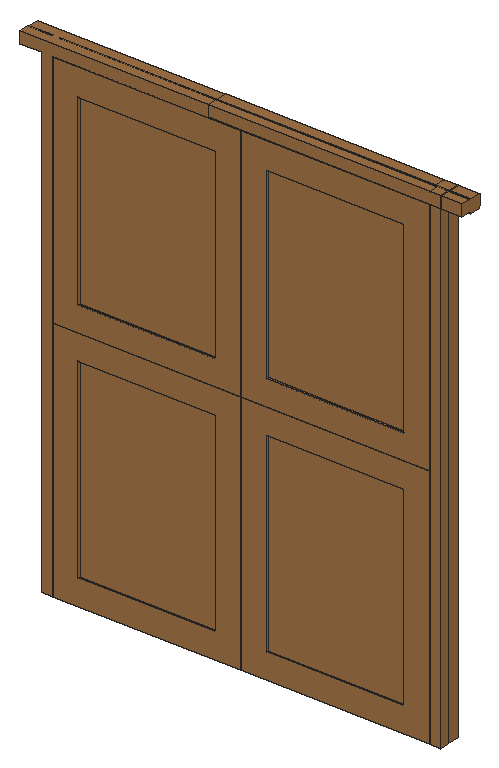
Revit family "DAL_A3-Swartland-Winsters-doubleStable-PD1S", category Doors, host Wall, Revit 2016
Family settings
  Host = Wall
  Always vertical = Yes
  Cut with Voids When Loaded = No
  Shared = No
  Room Calculation Point = No
Parameters (values of type "813w X 2032h")
  URL = "http://www.swartland.co.za"
  Thickness = 0 mm
  Rough Width = Width + (2 * Frame Width)  # 879 mm
  Rough Height = Height + Frame Width  # 2065 mm
  Model Type = "Single Stable Door"
  Model = "Winsters"
  Material Door Panel = Default Timber Door Panel
  Material Door Frame = Default Timber Door Frame
  Manufacturer Code = "PD1S"
  Manufacturer = "Swartland"
  Height = 2032 mm
  Wall Closure = By host
  Width = 813 mm
  Function = Interior
  Frame Width = 33 mm
  Construction Type = "Timber"
  Assembly Code = "B2030230"
Reference planes
  plane 1 "Center Line": y = 0
  plane 2 "Center (Left/Right)": x = 35.5
  plane 3 "Left": x = -404
  plane 4 "Right": x = 475
  plane 5: z = 2065
  plane 6 "Exterior": y = 110
  plane 7 "Interior": y = -110
  plane 8: x = 565
  plane 9: x = -494
  plane 10: x = 423
  plane 11: x = 442
  plane 12: x = -371
  plane 13: z = 2032
  plane 14: z = 205
  plane 15 "Panel centre": y = -24.5
  plane 16 "panel interior": y = -35.5
  plane 17 "Panel Exterior": y = -13.5
  plane 18: x = -188.111
  plane 19: x = -60.333
  plane 20: x = 3.556
  plane 21: x = 67.444
  plane 22: x = 131.333
  plane 23: x = 195.222
  plane 24: x = 259.111
  plane 25: x = -124.222
  plane 26: x = -252
  plane 27: x = 323
  plane 28: z = 1032.5
  plane 29: z = 1022
  plane 30: x = 433
  plane 31: x = 1044.111
  plane 32: x = 916.333
  plane 33: x = 852.444
  plane 34: x = 788.556
  plane 35: x = 724.667
  plane 36: x = 660.778
  plane 37: x = 596.889
  plane 38: x = 980.222
  plane 39: x = 1108
  plane 40: x = 533
  plane 41: x = -654.212
Forms (mm)
  Sweep 1, solid, material "Default Timber Door Frame" <- "Material Door Frame", detail levels medium+fine
    path origin (0, 0, 0) x (1, 0, 0) y (0, 0, 1)
      loop
        line (1350, 2065) -> (-494, 2065)
    profile "Frame profile : Frame profile" origin (428, 0, 2065) x (0, 0, -1) y (0, -1, 0)
      loop
        line (0, -45) -> (47, -45) -> (47, -43)
        arc (47, -43) -> (51.243, -41.243) -> (53, -37) r 6
        line (53, -37) -> (55, -37) -> (55, 0) -> (40, 0) -> (40, 3) -> (47, 3) -> (47, 45) -> (0, 45) -> (0, 6) -> (10, 6) -> (10, 0) -> (0, 0) -> (0, -45)
  Sweep 2, solid, material "Default Timber Door Frame" <- "Material Door Frame", detail levels medium+fine
    path origin (0, 0, 0) x (1, 0, 0) y (0, 0, 1)
      loop
        line (-404, 0) -> (-404, 2065)
    profile "Frame profile : Frame profile" origin (-404, 0, 1032.5) x (-1, 0, 0) y (0, -1, 0)
      loop
        line (0, -45) -> (0, 0) -> (-10, 0) -> (-10, 6) -> (0, 6) -> (0, 45) -> (-47, 45) -> (-47, 3) -> (-40, 3) -> (-40, 0) -> (-55, 0) -> (-55, -37) -> (-53, -37)
        arc (-53, -37) -> (-51.243, -41.243) -> (-47, -43) r 6
        line (-47, -43) -> (-47, -45) -> (0, -45)
  Extrusion 3, solid, material "Default Timber Door Panel" <- "Material Door Panel", detail levels medium+fine
    sketch origin (0, 0, 0) x (1, 0, 0) y (0, 0, 1)
      loop
        line (-357, 0) -> (428, 0) -> (428, 1022) -> (-357, 1022) -> (-357, 0)
      loop
        line (-252, 105) -> (323, 105) -> (323, 917) -> (-252, 917) -> (-252, 105)
    from 3 to 45
  Extrusion 4, solid, material "Default Timber Door Panel" <- "Material Door Panel", detail levels medium+fine
    sketch origin (0, -24.5, 0) x (1, 0, 0) y (0, 0, 1)
      loop
        line (323, 105) -> (323, 917) -> (-252, 917) -> (-252, 105) -> (323, 105)
    from 11 to -11
  Extrusion 5, solid, material "Default Timber Door Panel" <- "Material Door Panel", detail levels medium+fine
    sketch origin (0, -24.5, 0) x (1, 0, 0) y (0, 0, 1)
      loop
        line (323, 1127) -> (323, 1905) -> (-252, 1905) -> (-252, 1127) -> (323, 1127)
    from 11 to -11
  Extrusion 6, solid, material "Default Timber Door Frame" <- "Material Door Frame", detail levels medium+fine
    sketch origin (0, 0, 0) x (1, 0, 0) y (0, 0, 1)
      loop
        line (-357, 1022) -> (428, 1022) -> (428, 2018) -> (-357, 2018) -> (-357, 1022)
      loop
        line (-252, 1127) -> (323, 1127) -> (323, 1905) -> (-252, 1905) -> (-252, 1127)
    from 3 to 45
  Sweep 7, solid, material "Default Timber Door Frame" <- "Material Door Frame", detail levels medium+fine
    path origin (856, 0, 0) x (-1, 0, 0) y (0, 0, 1)
      loop
        line (565, 2065) -> (-494, 2065)
    profile "Frame profile : Frame profile" origin (820.5, 0, 2065) x (0, 0, -1) y (0, 1, 0)
      loop
        line (0, 45) -> (0, 0) -> (10, 0) -> (10, -6) -> (0, -6) -> (0, -45) -> (47, -45) -> (47, -3) -> (40, -3) -> (40, 0) -> (55, 0) -> (55, 37) -> (53, 37)
        arc (53, 37) -> (51.243, 41.243) -> (47, 43) r 6
        line (47, 43) -> (47, 45) -> (0, 45)
  Sweep 8, solid, material "Default Timber Door Frame" <- "Material Door Frame", detail levels medium+fine
    path origin (856, 0, 0) x (-1, 0, 0) y (0, 0, 1)
      loop
        line (-404, 0) -> (-404, 2065)
    profile "Frame profile : Frame profile" origin (1260, 0, 1032.5) x (1, 0, 0) y (0, 1, 0)
      loop
        line (0, 45) -> (-47, 45) -> (-47, 43)
        arc (-47, 43) -> (-51.243, 41.243) -> (-53, 37) r 6
        line (-53, 37) -> (-55, 37) -> (-55, 0) -> (-40, 0) -> (-40, -3) -> (-47, -3) -> (-47, -45) -> (0, -45) -> (0, -6) -> (-10, -6) -> (-10, 0) -> (0, 0) -> (0, 45)
  Extrusion 9, solid, material "Default Timber Door Panel" <- "Material Door Panel", detail levels medium+fine
    sketch origin (856, 0, 0) x (-1, 0, 0) y (0, 0, -1)
      loop
        line (-357, 0) -> (-357, -1022) -> (428, -1022) -> (428, 0) -> (-357, 0)
      loop
        line (-252, -105) -> (-252, -917) -> (323, -917) -> (323, -105) -> (-252, -105)
    from 3 to 45
  Extrusion 10, solid, material "Default Timber Door Panel" <- "Material Door Panel", detail levels medium+fine
    sketch origin (856, -24.5, 0) x (-1, 0, 0) y (0, 0, -1)
      loop
        line (323, -105) -> (-252, -105) -> (-252, -917) -> (323, -917) -> (323, -105)
    from 11 to -11
  Extrusion 11, solid, material "Default Timber Door Frame" <- "Material Door Frame", detail levels medium+fine
    sketch origin (856, 0, 0) x (-1, 0, 0) y (0, 0, -1)
      loop
        line (-357, -1022) -> (-357, -2018) -> (428, -2018) -> (428, -1022) -> (-357, -1022)
      loop
        line (-252, -1127) -> (-252, -1905) -> (323, -1905) -> (323, -1127) -> (-252, -1127)
    from 3 to 45
  Extrusion 12, solid, material "Default Timber Door Panel" <- "Material Door Panel", detail levels medium+fine
    sketch origin (856, -24.5, 0) x (-1, 0, 0) y (0, 0, -1)
      loop
        line (323, -1127) -> (-252, -1127) -> (-252, -1905) -> (323, -1905) -> (323, -1127)
    from 11 to -11
Cuts and joins
  joined: Sweep 1, Sweep 2
Lines and regions (mm)
  Opening 1
    outline origin (-3050, -110, 0) x (1, 0, 0) y (0, 0, 1)
      loop
        line (2646, 0) -> (4310, 0) -> (4310, 2065) -> (2646, 2065) -> (2646, 0)
  symbolic lines, style "DoorsPanelProjection"
    curve 1: line (-352, 0, 0) -> (-307, 0, 0)
    curve 2: line (-352, -872.631, 0) -> (-352, 0, 0)
    curve 3: line (-307, -872.631, 0) -> (-352, -872.631, 0)
    curve 42: line (1208, 0, 0) -> (1163, 0, 0)
    curve 43: line (1208, -872.631, 0) -> (1208, 0, 0)
    curve 44: line (1163, -872.631, 0) -> (1208, -872.631, 0)
  symbolic lines, style "DoorsPanelProjection", detail levels medium+fine
    curve 4: line (-307, 0, 0) -> (-307, -872.631, 0)
    curve 45: line (1163, 0, 0) -> (1163, -872.631, 0)
  symbolic lines, style "Plan Swing"
    curve 5: arc (428, -138.707, 0) -> (202.063, -647.439, 0) -> (-307, -872.631, 0) r 773.3
    curve 46: arc (428, -138.707, 0) -> (653.937, -647.439, 0) -> (1163, -872.631, 0) r 773.3
  model lines, style "DoorsPanelProjection", detail levels medium+fine
    curve 6: line (-188.111, -35.5, 917) -> (-188.111, -35.5, 205)
    curve 7: line (259.111, -35.5, 917) -> (259.111, -35.5, 205)
    curve 8: line (-124.222, -35.5, 917) -> (-124.222, -35.5, 205)
    curve 9: line (195.222, -35.5, 917) -> (195.222, -35.5, 205)
    curve 10: line (-60.333, -35.5, 917) -> (-60.333, -35.5, 205)
    curve 11: line (131.333, -35.5, 917) -> (131.333, -35.5, 205)
    curve 12: line (3.556, -35.5, 917) -> (3.556, -35.5, 205)
    curve 13: line (67.444, -35.5, 205) -> (67.444, -35.5, 917)
    curve 14: line (259.111, -13.5, 917) -> (259.111, -13.5, 205)
    curve 15: line (-188.111, -13.5, 917) -> (-188.111, -13.5, 205)
    curve 16: line (-124.222, -13.5, 205) -> (-124.222, -13.5, 917)
    curve 17: line (195.222, -13.5, 917) -> (195.222, -13.5, 205)
    curve 18: line (131.333, -13.5, 205) -> (131.333, -13.5, 917)
    curve 19: line (-60.333, -13.5, 917) -> (-60.333, -13.5, 205)
    curve 20: line (3.556, -13.5, 205) -> (3.556, -13.5, 917)
    curve 21: line (67.444, -13.5, 917) -> (67.444, -13.5, 205)
    curve 22: line (323, -13.5, 205) -> (-252, -13.5, 205)
    curve 23: line (-252, -35.5, 205) -> (323, -35.5, 205)
    curve 24: line (259.111, -13.5, 1127) -> (259.111, -13.5, 1905)
    curve 25: line (195.222, -13.5, 1127) -> (195.222, -13.5, 1905)
    curve 26: line (-188.111, -13.5, 1127) -> (-188.111, -13.5, 1905)
    curve 27: line (131.333, -13.5, 1127) -> (131.333, -13.5, 1905)
    curve 28: line (-124.222, -13.5, 1905) -> (-124.222, -13.5, 1127)
    curve 29: line (67.444, -13.5, 1127) -> (67.444, -13.5, 1905)
    curve 30: line (-60.333, -13.5, 1905) -> (-60.333, -13.5, 1127)
    curve 31: line (3.556, -13.5, 1127) -> (3.556, -13.5, 1905)
    curve 32: line (-188.111, -35.5, 1127) -> (-188.111, -35.5, 1905)
    curve 33: line (-124.222, -35.5, 1905) -> (-124.222, -35.5, 1127)
    curve 34: line (-60.333, -35.5, 1127) -> (-60.333, -35.5, 1905)
    curve 35: line (3.556, -35.5, 1905) -> (3.556, -35.5, 1127)
    curve 36: line (67.444, -35.5, 1127) -> (67.444, -35.5, 1905)
    curve 37: line (131.333, -35.5, 1905) -> (131.333, -35.5, 1127)
    curve 38: line (195.222, -35.5, 1127) -> (195.222, -35.5, 1905)
    curve 39: line (259.111, -35.5, 1905) -> (259.111, -35.5, 1127)
    curve 47: line (1044.111, -35.5, 917) -> (1044.111, -35.5, 205)
    curve 48: line (596.889, -35.5, 917) -> (596.889, -35.5, 205)
    curve 49: line (980.222, -35.5, 917) -> (980.222, -35.5, 205)
    curve 50: line (660.778, -35.5, 917) -> (660.778, -35.5, 205)
    curve 51: line (916.333, -35.5, 917) -> (916.333, -35.5, 205)
    curve 52: line (724.667, -35.5, 917) -> (724.667, -35.5, 205)
    curve 53: line (852.444, -35.5, 917) -> (852.444, -35.5, 205)
    curve 54: line (788.556, -35.5, 205) -> (788.556, -35.5, 917)
    curve 55: line (596.889, -13.5, 917) -> (596.889, -13.5, 205)
    curve 56: line (1044.111, -13.5, 917) -> (1044.111, -13.5, 205)
    curve 57: line (980.222, -13.5, 205) -> (980.222, -13.5, 917)
    curve 58: line (660.778, -13.5, 917) -> (660.778, -13.5, 205)
    curve 59: line (724.667, -13.5, 205) -> (724.667, -13.5, 917)
    curve 60: line (916.333, -13.5, 917) -> (916.333, -13.5, 205)
    curve 61: line (852.444, -13.5, 205) -> (852.444, -13.5, 917)
    curve 62: line (788.556, -13.5, 917) -> (788.556, -13.5, 205)
    curve 63: line (533, -13.5, 205) -> (1108, -13.5, 205)
    curve 64: line (1108, -35.5, 205) -> (533, -35.5, 205)
    curve 65: line (596.889, -13.5, 1127) -> (596.889, -13.5, 1905)
    curve 66: line (660.778, -13.5, 1127) -> (660.778, -13.5, 1905)
    curve 67: line (1044.111, -13.5, 1127) -> (1044.111, -13.5, 1905)
    curve 68: line (724.667, -13.5, 1127) -> (724.667, -13.5, 1905)
    curve 69: line (980.222, -13.5, 1905) -> (980.222, -13.5, 1127)
    curve 70: line (788.556, -13.5, 1127) -> (788.556, -13.5, 1905)
    curve 71: line (916.333, -13.5, 1905) -> (916.333, -13.5, 1127)
    curve 72: line (852.444, -13.5, 1127) -> (852.444, -13.5, 1905)
    curve 73: line (1044.111, -35.5, 1127) -> (1044.111, -35.5, 1905)
    curve 74: line (980.222, -35.5, 1905) -> (980.222, -35.5, 1127)
    curve 75: line (916.333, -35.5, 1127) -> (916.333, -35.5, 1905)
    curve 76: line (852.444, -35.5, 1905) -> (852.444, -35.5, 1127)
    curve 77: line (788.556, -35.5, 1127) -> (788.556, -35.5, 1905)
    curve 78: line (724.667, -35.5, 1905) -> (724.667, -35.5, 1127)
    curve 79: line (660.778, -35.5, 1127) -> (660.778, -35.5, 1905)
    curve 80: line (596.889, -35.5, 1905) -> (596.889, -35.5, 1127)
  symbolic lines, style "Elevation Swing"
    curve 40: line (-349, 0, 2010) -> (420, 0, 1032.5)
    curve 41: line (420, 0, 1032.5) -> (-349, 0, 0)
    curve 81: line (1205, 0, 2010) -> (436, 0, 1032.5)
    curve 82: line (436, 0, 1032.5) -> (1205, 0, 0)
Text (mm)
  text "Exterior" at (-2295.016, 1099.543, 0), in view "Ref. Level"
  text "Exterior" at (0, 1615.38, 3698.081), in view "Left"
  text "Exterior" at (0, 1036.032, 3874.932), in view "Right"
Dimensions and locks
  equal spacing: plane 3 "Left", plane 2 "Center (Left/Right)", plane 4 "Right"
  "Width": plane 12 to plane 11
  "Height": plane 13 to host wall
  host wall to plane 28 to plane 5 = 1032.5 mm, 1032.5 mm
  locked: host wall to plane 6 "Exterior" at 0
  locked: plane 7 "Interior" to host wall
  locked: plane 4 "Right" to plane 8 at 90
  locked: plane 9 to plane 3 "Left" at 90
  locked: plane 10 to plane 4 "Right" at 52
  "Frame Width": plane 3 "Left" to plane 12
  "Frame Width": plane 11 to plane 4 "Right"
  plane 12 to plane 11 = 813 mm
  "Frame Width": plane 13 to plane 5
  locked: plane 15 "Panel centre" to plane 1 "Center Line" at 24.5
  locked: plane 27 to plane 4 "Right" at 152
  locked: plane 3 "Left" to plane 26 at 152
  equal spacing: plane 26, plane 18, plane 25, plane 19, plane 20, plane 21, plane 22, plane 23, plane 24, plane 27
  locked: level to plane 29 at 1022
  equal spacing: plane 39, plane 31, plane 38, plane 32, plane 33, plane 34, plane 35, plane 36, plane 37, plane 40
  host wall to Sweep 1 sketch curve = 90 mm
  aligned and locked: plane 3 "Left" to Opening 1 sketch curve
  aligned and locked: plane 5 to Opening 1 sketch curve  (x2)
  aligned and locked: Opening 1 sketch curve to level
  aligned and locked: plane 1 "Center Line" to host wall
  aligned and locked: Extrusion 4 sketch curve to Extrusion 3  (x4)
  aligned and locked: plane 29 to Extrusion 3 sketch curve
  aligned and locked: cut or joined group of Sweep 1, Sweep 2 to curve 41
  aligned and locked: curve 40 to cut or joined group of Sweep 1, Sweep 2
  aligned and locked: Extrusion 10 sketch curve to Extrusion 9  (x4)
Automatic sketch dimensions
  Sweep 2 sketch curve to plane 3 "Left" = 0 mm
  Sweep 2 sketch curve to level = 0 mm
  Sweep 2 sketch curve to plane 5 = 0 mm
  curve 1 to host wall = 0 mm
  host wall to curve 5 = 138.707 mm
  curve 5 to plane 10 = 5 mm
  curve 3 to plane 3 "Left" = 97 mm
  curve 5 to host wall = 9.767 mm
  curve 5 to curve 1 = 37.343 mm
  curve 2 to curve 1 = 45 mm
  Extrusion 3 sketch curve to level = 0 mm
  Extrusion 3 sketch curve to plane 26 = 0 mm
  Extrusion 3 sketch curve to plane 27 = 0 mm
  plane 12 to Extrusion 3 sketch curve = 14 mm
  Extrusion 3 sketch curve to plane 10 = 5 mm
  plane 14 to Extrusion 3 sketch curve = 100 mm
  plane 29 to Extrusion 3 sketch curve = 105 mm
  Extrusion 5 sketch curve to plane 26 = 0 mm
  Extrusion 5 sketch curve to plane 27 = 0 mm
  Extrusion 5 sketch curve to plane 28 = 94.5 mm
  plane 13 to Extrusion 5 sketch curve = 127 mm
  Extrusion 6 sketch curve to plane 29 = 0 mm
  Extrusion 6 sketch curve to plane 26 = 0 mm
  Extrusion 6 sketch curve to plane 27 = 0 mm
  plane 12 to Extrusion 6 sketch curve = 14 mm
  Extrusion 6 sketch curve to plane 10 = 5 mm
  Extrusion 6 sketch curve to plane 28 = 94.5 mm
  plane 13 to Extrusion 6 sketch curve = 127 mm
  plane 13 to Extrusion 6 sketch curve = 14 mm
  curve 39 to plane 24 = 0 mm
  curve 32 to plane 18 = 0 mm
  curve 38 to plane 23 = 0 mm
  curve 28 to plane 25 = 0 mm
  curve 30 to plane 19 = 0 mm
  curve 27 to plane 22 = 0 mm
  curve 33 to plane 25 = 0 mm
  curve 29 to plane 21 = 0 mm
  curve 37 to plane 22 = 0 mm
  curve 26 to plane 18 = 0 mm
  curve 36 to plane 21 = 0 mm
  curve 34 to plane 19 = 0 mm
  curve 24 to plane 24 = 0 mm
  curve 35 to plane 20 = 0 mm
  curve 25 to plane 23 = 0 mm
  curve 31 to plane 20 = 0 mm
  curve 21 to plane 21 = 0 mm
  curve 6 to plane 18 = 0 mm
  curve 20 to plane 20 = 0 mm
  curve 19 to plane 19 = 0 mm
  curve 17 to plane 23 = 0 mm
  curve 16 to plane 25 = 0 mm
  curve 15 to plane 18 = 0 mm
  curve 14 to plane 24 = 0 mm
  curve 13 to plane 21 = 0 mm
  curve 12 to plane 20 = 0 mm
  curve 11 to plane 22 = 0 mm
  curve 10 to plane 19 = 0 mm
  curve 9 to plane 23 = 0 mm
  curve 8 to plane 25 = 0 mm
  curve 7 to plane 24 = 0 mm
  curve 18 to plane 22 = 0 mm
  curve 23 to plane 14 = 0 mm
  curve 22 to plane 14 = 0 mm
  curve 23 to plane 26 = 0 mm
  curve 22 to plane 26 = 0 mm
  curve 22 to plane 27 = 0 mm
  curve 23 to plane 27 = 0 mm
  curve 39 to plane 28 = 94.5 mm
  curve 25 to curve 39 = 0 mm
  curve 31 to plane 28 = 94.5 mm
  curve 30 to curve 31 = 0 mm
  curve 32 to plane 28 = 94.5 mm
  curve 28 to curve 30 = 0 mm
  curve 38 to curve 25 = 0 mm  (x2)
  curve 29 to curve 31 = 0 mm
  curve 37 to curve 29 = 0 mm
  curve 33 to curve 28 = 0 mm
  curve 27 to curve 37 = 0 mm  (x2)
  curve 24 to curve 39 = 0 mm
  curve 34 to curve 30 = 0 mm
  curve 26 to curve 32 = 0 mm
  curve 36 to curve 29 = 0 mm
  curve 35 to curve 31 = 0 mm  (x2)
  plane 13 to curve 31 = 127 mm
  plane 13 to curve 25 = 127 mm
  curve 24 to curve 25 = 0 mm
  curve 34 to curve 35 = 0 mm
  curve 36 to curve 31 = 0 mm
  plane 13 to curve 26 = 127 mm
  curve 37 to curve 36 = 0 mm
  curve 29 to curve 36 = 0 mm
  curve 33 to curve 26 = 0 mm
  curve 30 to curve 34 = 0 mm
  curve 28 to curve 33 = 0 mm
  curve 32 to curve 26 = 0 mm
  curve 39 to curve 24 = 0 mm
  plane 29 to curve 21 = 105 mm
  plane 29 to curve 6 = 105 mm
  curve 20 to curve 21 = 0 mm
  curve 19 to curve 20 = 0 mm
  plane 29 to curve 17 = 105 mm
  curve 16 to curve 6 = 0 mm
  curve 15 to curve 6 = 0 mm
  curve 14 to curve 17 = 0 mm
  curve 13 to curve 21 = 0 mm
  curve 12 to curve 20 = 0 mm
  curve 11 to curve 21 = 0 mm
  curve 10 to curve 19 = 0 mm
  curve 9 to curve 17 = 0 mm
  curve 8 to curve 16 = 0 mm
  curve 7 to curve 14 = 0 mm
  curve 18 to curve 11 = 0 mm
  curve 40 to plane 28 = 0 mm
  curve 41 to level = 0 mm
  plane 10 to curve 41 = 3 mm
  plane 13 to curve 40 = 22 mm
  curve 42 to host wall = 0 mm
  curve 46 to plane 30 = 5 mm
  plane 39 to curve 42 = 55 mm
  curve 46 to host wall = 9.767 mm
  plane 39 to curve 46 = 92.343 mm
  curve 44 to curve 43 = 45 mm
  curve 44 to curve 46 = 772.398 mm
  curve 64 to plane 14 = 0 mm
  curve 64 to plane 40 = 0 mm
  curve 48 to plane 37 = 0 mm
  curve 50 to plane 36 = 0 mm
  curve 52 to plane 35 = 0 mm
  curve 54 to plane 34 = 0 mm
  curve 53 to plane 33 = 0 mm
  curve 51 to plane 32 = 0 mm
  curve 49 to plane 38 = 0 mm
  curve 47 to plane 31 = 0 mm
  curve 64 to plane 39 = 0 mm
  plane 29 to curve 51 = 105 mm
  curve 53 to curve 51 = 0 mm
  plane 29 to curve 50 = 105 mm
  curve 49 to curve 51 = 0 mm
  curve 54 to curve 53 = 0 mm
  curve 48 to curve 50 = 0 mm
  curve 47 to curve 49 = 0 mm
  curve 52 to curve 54 = 0 mm
  curve 63 to plane 14 = 0 mm
  curve 63 to plane 40 = 0 mm
  curve 55 to plane 37 = 0 mm
  curve 58 to plane 36 = 0 mm
  curve 59 to plane 35 = 0 mm
  curve 62 to plane 34 = 0 mm
  curve 61 to plane 33 = 0 mm
  curve 60 to plane 32 = 0 mm
  curve 57 to plane 38 = 0 mm
  curve 56 to plane 31 = 0 mm
  curve 63 to plane 39 = 0 mm
  plane 29 to curve 58 = 105 mm
  plane 29 to curve 57 = 105 mm
  plane 29 to curve 61 = 105 mm
  curve 62 to curve 61 = 0 mm
  curve 56 to curve 57 = 0 mm
  curve 60 to curve 57 = 0 mm
  curve 59 to curve 62 = 0 mm
  curve 55 to curve 58 = 0 mm
  Sweep 7 sketch curve to plane 5 = 0 mm
  plane 39 to Sweep 7 sketch curve = 242 mm
  Sweep 7 sketch curve to plane 24 = 31.889 mm
  Sweep 8 sketch curve to plane 5 = 0 mm
  Sweep 8 sketch curve to level = 0 mm
  plane 39 to Sweep 8 sketch curve = 152 mm
  Extrusion 9 sketch curve to plane 29 = 0 mm
  Extrusion 9 sketch curve to level = 0 mm
  Extrusion 9 sketch curve to plane 39 = 0 mm
  Extrusion 9 sketch curve to plane 40 = 0 mm
  plane 39 to Extrusion 9 sketch curve = 105 mm
  Extrusion 9 sketch curve to plane 10 = 5 mm
  plane 14 to Extrusion 9 sketch curve = 100 mm
  plane 29 to Extrusion 9 sketch curve = 105 mm
  Extrusion 11 sketch curve to plane 29 = 0 mm
  Extrusion 11 sketch curve to plane 39 = 0 mm
  Extrusion 11 sketch curve to plane 40 = 0 mm
  plane 39 to Extrusion 11 sketch curve = 105 mm
  Extrusion 11 sketch curve to plane 10 = 5 mm
  Extrusion 11 sketch curve to plane 28 = 94.5 mm
  plane 13 to Extrusion 11 sketch curve = 127 mm
  plane 13 to Extrusion 11 sketch curve = 14 mm
  Extrusion 12 sketch curve to plane 39 = 0 mm
  Extrusion 12 sketch curve to plane 40 = 0 mm
  Extrusion 12 sketch curve to plane 28 = 94.5 mm
  plane 13 to Extrusion 12 sketch curve = 127 mm
  curve 80 to plane 37 = 0 mm
  curve 79 to plane 36 = 0 mm
  curve 78 to plane 35 = 0 mm
  curve 77 to plane 34 = 0 mm
  curve 76 to plane 33 = 0 mm
  curve 75 to plane 32 = 0 mm
  curve 74 to plane 38 = 0 mm
  curve 73 to plane 31 = 0 mm
  curve 73 to plane 28 = 94.5 mm
  curve 79 to plane 28 = 94.5 mm
  curve 78 to curve 79 = 0 mm
  curve 74 to curve 73 = 0 mm
  curve 75 to curve 74 = 0 mm
  curve 77 to curve 78 = 0 mm
  curve 76 to curve 75 = 0 mm  (x2)
  curve 80 to curve 79 = 0 mm  (x2)
  plane 13 to curve 75 = 127 mm
  plane 13 to curve 77 = 127 mm
  curve 78 to curve 77 = 0 mm
  curve 74 to curve 75 = 0 mm
  curve 73 to curve 74 = 0 mm
  curve 79 to curve 78 = 0 mm
  curve 65 to plane 37 = 0 mm
  curve 66 to plane 36 = 0 mm
  curve 68 to plane 35 = 0 mm
  curve 70 to plane 34 = 0 mm
  curve 72 to plane 33 = 0 mm
  curve 71 to plane 32 = 0 mm
  curve 69 to plane 38 = 0 mm
  curve 67 to plane 31 = 0 mm
  curve 65 to plane 28 = 94.5 mm
  curve 71 to plane 28 = 94.5 mm
  curve 66 to curve 65 = 0 mm
  curve 70 to plane 28 = 94.5 mm
  curve 67 to plane 28 = 94.5 mm
  curve 69 to curve 67 = 0 mm  (x2)
  curve 68 to curve 70 = 0 mm  (x2)
  curve 72 to curve 70 = 0 mm  (x2)
  plane 13 to curve 67 = 127 mm
  plane 13 to curve 66 = 127 mm
  plane 13 to curve 70 = 127 mm
  plane 13 to curve 71 = 127 mm
  curve 65 to curve 66 = 0 mm
  plane 39 to Opening 1 sketch curve = 152 mm
  curve 82 to level = 0 mm
  curve 82 to plane 28 = 0 mm
  plane 30 to curve 81 = 3 mm
  plane 39 to curve 82 = 97 mm
  plane 13 to curve 81 = 22 mm
  plane 39 to curve 81 = 97 mm
  Sweep 1 sketch curve to plane 5 = 0 mm
  Sweep 1 sketch curve to plane 9 = 0 mm
  plane 39 to Sweep 1 sketch curve = 242 mm
